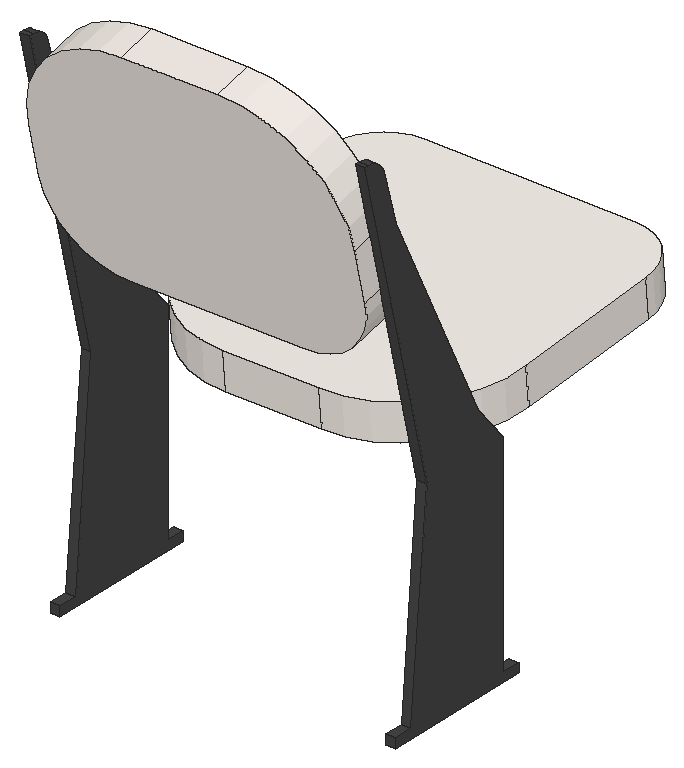
Revit family
Parameters (values of type "457 x 610mm")
  Seat/Back Material = Textile - Linen, Smooth
  Frame Material = Metal - Paint Finish - Dark Gray,Matte
Reference planes
  plane 1 "Center (Front/Back)": y = 189.875
  plane 2: z = 0
  plane 3 "Center (Left/Right)": x = 160.728
  plane 4: x = 389.328
  plane 5: x = -67.872
  plane 6: y = -114.925
  plane 7: y = 494.675
  plane 8: z = 762
  plane 9: z = 444.5
  plane 10: y = -13.325
  plane 11: y = -64.125
  plane 12: z = 711.2
  plane 13: z = 292.1
  plane 14: z = 342.9
  plane 15: y = 37.475
  plane 16: z = 622.3
  plane 17: z = 711.2
  plane 18: y = -64.331
  plane 19: z = 292.1
  plane 20: through (0, 102.389, 24.872) normal (0, 0.9717, 0.2361)
  plane 21: through (0, -24.112, 275.601) normal (0, 0.0872, -0.9962)
  plane 22: y = 443.875
  plane 23: x = 325.828
  plane 24: x = -4.372
  plane 25 "Seat": z = 334.471
Forms (mm)
  Extrusion 1, solid, material "Metal - Paint Finish - Dark Gray,Matte" <- "Frame Material"
    sketch origin (389.328, 0, 0) x (0, -1, 0) y (0, 0, 1)
      loop
        line (13.325, 0) -> (13.325, 12.7) -> (-12.075, 12.7) -> (-37.475, 292.1) -> (64.125, 711.2) -> (57.884, 711.2)
        arc (57.884, 711.2) -> (42.588, 706.078) -> (33.461, 692.778) r 25.4
        line (33.461, 692.778) -> (13.325, 622.3) -> (-121.849, 342.9) -> (-164.475, 292.1) -> (-164.475, 12.7) -> (-189.875, 12.7) -> (-189.875, 0) -> (13.325, 0)
    from 0 to 12.7
  Extrusion 2, solid, material "Metal - Paint Finish - Dark Gray,Matte" <- "Frame Material"
    sketch origin (-67.872, 0, 0) x (0, -1, 0) y (0, 0, 1)
      loop
        line (-189.875, 0) -> (13.325, 0) -> (13.325, 12.7) -> (-12.075, 12.7) -> (-37.475, 292.1) -> (64.125, 711.2) -> (57.884, 711.2)
        arc (57.884, 711.2) -> (42.588, 706.078) -> (33.461, 692.778) r 25.4
        line (33.461, 692.778) -> (13.325, 622.3) -> (-121.849, 342.9) -> (-164.475, 292.1) -> (-164.475, 12.7) -> (-189.875, 12.7) -> (-189.875, 0)
    from 0 to -12.7
  Extrusion 3, solid, material "Textile - Linen, Smooth"
    sketch origin (0, -24.112, 275.601) x (0, 0.996195, 0.087156) y (1, 0, 0)
      loop
        line (523.629, 21.028) -> (523.629, 300.428)
        arc (523.629, 300.428) -> (501.311, 354.309) -> (447.429, 376.628) r 76.2
        line (447.429, 376.628) -> (247.217, 376.628)
        arc (247.217, 376.628) -> (139.454, 331.991) -> (94.817, 224.228) r 152.4
        line (94.817, 224.228) -> (94.817, 97.228)
        arc (94.817, 97.228) -> (139.454, -10.535) -> (247.217, -55.172) r 152.4
        line (247.217, -55.172) -> (447.429, -55.172)
        arc (447.429, -55.172) -> (501.311, -32.854) -> (523.629, 21.028) r 76.2
    from 0 to -50.8
  Extrusion 4, solid, material "Textile - Linen, Smooth" <- "Seat/Back Material"
    sketch origin (0, 102.389, 24.872) x (0, -0.236052, 0.97174) y (1, 0, 0)
      loop
        line (758.507, 97.228) -> (758.507, 224.228)
        arc (758.507, 224.228) -> (713.87, 331.991) -> (606.107, 376.628) r 152.4
        line (606.107, 376.628) -> (534.448, 376.628)
        arc (534.448, 376.628) -> (462.606, 346.87) -> (432.848, 275.028) r 101.6
        line (432.848, 275.028) -> (432.848, 46.428)
        arc (432.848, 46.428) -> (462.606, -25.414) -> (534.448, -55.172) r 101.6
        line (534.448, -55.172) -> (606.107, -55.172)
        arc (606.107, -55.172) -> (713.87, -10.535) -> (758.507, 97.228) r 152.4
    from -25.4 to 25.4
Lines and regions (mm)
  Masking region 1
    outline origin (0, 0, 334.471) x (0, -1, 0) y (1, 0, 0)
      loop
        spline (-222.164, -55.172) -> (-219.453, -55.148) -> (-216.742, -55.075) -> (-214.034, -54.953) -> (-211.328, -54.783) -> (-208.625, -54.565) -> (-205.927, -54.298) -> (-203.233, -53.983) -> (-200.546, -53.619) -> (-197.866, -53.208) -> (-195.194, -52.748) -> (-192.53, -52.241) -> (-189.875, -51.686)
        line (-189.875, -51.686) -> (-189.875, -67.872) -> (64.864, -67.872) -> (64.864, -55.118)
        spline (64.864, -55.118) -> (69.594, -53.814) -> (74.243, -49.926) -> (78.732, -43.52) -> (82.983, -34.705) -> (86.924, -23.632) -> (90.488, -10.491) -> (93.613, 4.493) -> (96.247, 21.064) -> (98.343, 38.939) -> (99.867, 57.811) -> (100.792, 77.359) -> (101.102, 97.246)
        line (101.102, 97.246) -> (101.102, 197.246) -> (100.741, 224.198)
        spline (100.741, 224.198) -> (100.433, 244.086) -> (99.514, 263.634) -> (98.001, 282.507) -> (95.918, 300.383) -> (93.302, 316.954) -> (90.198, 331.939) -> (86.658, 345.081) -> (82.743, 356.154) -> (78.52, 364.969) -> (74.061, 371.376) -> (69.443, 375.264) -> (64.745, 376.567)
        line (64.745, 376.567) -> (64.745, 389.328) -> (-189.875, 389.328) -> (-189.875, 373.141)
        spline (-189.875, 373.141) -> (-192.53, 373.696) -> (-195.194, 374.204) -> (-197.866, 374.663) -> (-200.546, 375.075) -> (-203.233, 375.438) -> (-205.927, 375.754) -> (-208.625, 376.021) -> (-211.328, 376.239) -> (-214.034, 376.409) -> (-216.742, 376.531) -> (-219.453, 376.604) -> (-222.164, 376.628)
        line (-222.164, 376.628) -> (-418.765, 376.628)
        spline (-418.765, 376.628) -> (-428.674, 375.976) -> (-438.412, 374.031) -> (-447.815, 370.827) -> (-456.72, 366.419) -> (-464.976, 360.881) -> (-472.442, 354.309) -> (-478.989, 346.815) -> (-484.505, 338.528) -> (-488.897, 329.588) -> (-492.089, 320.15) -> (-494.026, 310.374) -> (-494.675, 300.428)
        line (-494.675, 300.428) -> (-494.675, 21.028)
        spline (-494.675, 21.028) -> (-494.026, 11.082) -> (-492.089, 1.306) -> (-488.897, -8.133) -> (-484.505, -17.072) -> (-478.989, -25.36) -> (-472.442, -32.854) -> (-464.976, -39.426) -> (-456.72, -44.963) -> (-447.815, -49.372) -> (-438.412, -52.576) -> (-428.674, -54.52) -> (-418.765, -55.172)
        line (-418.765, -55.172) -> (-222.164, -55.172)
  symbolic lines
    curve 1: line (376.628, 215.275, 334.471) -> (376.628, -64.125, 334.471)
    curve 2: line (-55.172, -64.125, 334.471) -> (-55.172, 215.275, 334.471)
    curve 3: line (275.028, 24.897, 334.471) -> (46.428, 24.897, 334.471)
    curve 4: spline (376.628, 0.914, 334.471) -> (375.759, 4.045, 334.471) -> (373.166, 7.121, 334.471) -> (368.894, 10.092, 334.471) -> (363.016, 12.906, 334.471) -> (355.633, 15.514, 334.471) -> (346.87, 17.873, 334.471) -> (336.878, 19.941, 334.471) -> (325.828, 21.684, 334.471) -> (313.909, 23.071, 334.471) -> (301.324, 24.08, 334.471) -> (288.289, 24.692, 334.471) -> (275.028, 24.897, 334.471)
    curve 5: spline (46.428, 24.897, 334.471) -> (33.166, 24.692, 334.471) -> (20.132, 24.08, 334.471) -> (7.547, 23.071, 334.471) -> (-4.372, 21.684, 334.471) -> (-15.422, 19.941, 334.471) -> (-25.414, 17.873, 334.471) -> (-34.177, 15.514, 334.471) -> (-41.56, 12.906, 334.471) -> (-47.438, 10.092, 334.471) -> (-51.71, 7.121, 334.471) -> (-54.303, 4.045, 334.471) -> (-55.172, 0.914, 334.471)
    curve 6: line (224.228, 70.344, 334.471) -> (97.228, 70.344, 334.471)
    curve 7: spline (97.228, 70.344, 334.471) -> (79.98, 71.319, 334.471) -> (62.953, 74.233, 334.471) -> (46.367, 79.048, 334.471) -> (30.434, 85.702, 334.471) -> (15.36, 94.11, 334.471) -> (1.338, 104.163, 334.471) -> (-11.452, 115.732, 334.471) -> (-22.846, 128.67, 334.471) -> (-32.696, 142.808, 334.471) -> (-40.877, 157.967, 334.471) -> (-47.283, 173.95, 334.471) -> (-51.832, 190.553, 334.471)
    curve 8: spline (373.106, 189.715, 334.471) -> (368.486, 173.205, 334.471) -> (362.028, 157.32, 334.471) -> (353.813, 142.261, 334.471) -> (343.947, 128.22, 334.471) -> (332.555, 115.376, 334.471) -> (319.783, 103.894, 334.471) -> (305.793, 93.918, 334.471) -> (290.763, 85.577, 334.471) -> (274.886, 78.977, 334.471) -> (258.363, 74.201, 334.471) -> (241.405, 71.311, 334.471) -> (224.228, 70.344, 334.471)
Dimensions and locks
  equal spacing: plane 5, plane 3 "Center (Left/Right)", plane 4
  equal spacing: plane 6, plane 1 "Center (Front/Back)", plane 7
  locked: plane 5 to plane 4 at 457.2
  locked: plane 6 to plane 7 at 609.6
  aligned and locked: Masking region 1 sketch curve to plane 7
Automatic sketch dimensions
  Masking region 1 sketch curve to plane 1 "Center (Front/Back)" = 0.00 mm  (x2)
  Masking region 1 sketch curve to plane 4 = 0.00 mm
  Masking region 1 sketch curve to plane 5 = 0.00 mm
  Masking region 1 sketch curve to plane 5 = 12.70 mm
  plane 22 to Masking region 1 sketch curve = 25.11 mm  (x2)
  Masking region 1 sketch curve to Masking region 1 sketch curve = 0.00 mm  (x2)
  Masking region 1 sketch curve to plane 1 "Center (Front/Back)" = 32.289 mm  (x2)
  plane 4 to Masking region 1 sketch curve = 12.70 mm
  plane 18 to Masking region 1 sketch curve = 0.414 mm
  plane 18 to Masking region 1 sketch curve = 0.533 mm
  Masking region 1 sketch curve to plane 6 = 14.184 mm
  Masking region 1 sketch curve to plane 6 = 13.823 mm
  Masking region 1 sketch curve to plane 5 = 12.754 mm
  Masking region 1 sketch curve to Masking region 1 sketch curve = 16.187 mm  (x2)
  Masking region 1 sketch curve to plane 5 = 88.90 mm
  plane 3 "Center (Left/Right)" to Masking region 1 sketch curve = 88.90 mm  (x2)
  Masking region 1 sketch curve to Masking region 1 sketch curve = 25.40 mm
  Masking region 1 sketch curve to Masking region 1 sketch curve = 25.418 mm
  Masking region 1 sketch curve to plane 3 "Center (Left/Right)" = 36.518 mm
  Masking region 1 sketch curve to Masking region 1 sketch curve = 26.952 mm
  Masking region 1 sketch curve to plane 3 "Center (Left/Right)" = 63.50 mm
  curve 8 to plane 1 "Center (Front/Back)" = 32.289 mm
  curve 7 to plane 5 = 12.70 mm
  curve 7 to plane 1 "Center (Front/Back)" = 32.289 mm
  plane 4 to curve 1 = 12.70 mm
  curve 1 to plane 1 "Center (Front/Back)" = 25.40 mm
  curve 7 to curve 2 = 6.889 mm
  curve 7 to plane 1 "Center (Front/Back)" = 0.678 mm
  plane 1 "Center (Front/Back)" to curve 8 = 0.161 mm
  plane 10 to curve 7 = 83.669 mm
  plane 10 to curve 5 = 38.222 mm
  plane 10 to curve 4 = 14.239 mm
  plane 10 to curve 5 = 14.239 mm
  curve 1 to plane 18 = 0.206 mm
  curve 2 to plane 18 = 0.206 mm
  curve 2 to plane 5 = 12.70 mm
  curve 2 to curve 7 = 3.34 mm
  curve 5 to curve 7 = 50.80 mm
  curve 8 to curve 7 = 25.40 mm
  curve 4 to plane 3 "Center (Left/Right)" = 12.70 mm
  curve 8 to plane 3 "Center (Left/Right)" = 63.50 mm
